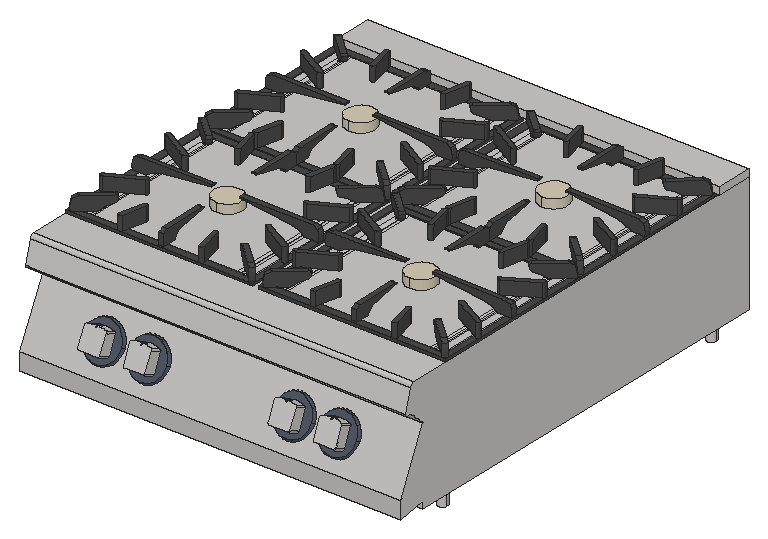
Revit family "QF_ZANUSSI_392002_Z9GCGH4S00", category Specialty Equipment, Revit 2018 (continued)
Definition of nested family "QF_392002_BURNER"
  Lines and regions (mm)
    symbolic lines
      curve 88: line (45.799, -40, 150) -> (45.799, -15, 150)
      curve 89: line (45.799, -108.607, 150) -> (45.799, -40, 150)
      curve 90: line (15, -20.286, 0) -> (15, -91.684, 0)
      curve 91: line (15, -103.094, 0) -> (15, -170.397, 0)
      curve 92: line (45.799, -170.397, 150) -> (45.799, -120.018, 150)
      curve 93: line (45.799, -235.582, 150) -> (45.799, -180.397, 150)
      curve 94: line (15, -263.916, 150) -> (15, -335.314, 150)
      curve 95: line (45.799, -307.496, 150) -> (45.799, -246.993, 150)
      curve 96: line (116.378, -350.325, 0) -> (127.56, -301.889, 0)
      curve 97: arc (127.56, -301.889, 0) -> (123.813, -295.892, 0) -> (117.816, -299.64, 0) r 5
      curve 98: line (117.816, -299.64, 0) -> (106.634, -348.076, 0)
      curve 99: arc (106.634, -348.076, 0) -> (110.381, -354.072, 0) -> (116.378, -350.325, 0) r 5
      curve 100: line (266.14, -301.889, 0) -> (277.322, -350.325, 0)
      curve 101: arc (277.322, -350.325, 0) -> (283.319, -354.072, 0) -> (287.066, -348.076, 0) r 5
      curve 102: line (287.066, -348.076, 0) -> (275.884, -299.64, 0)
      curve 103: arc (275.884, -299.64, 0) -> (269.887, -295.892, 0) -> (266.14, -301.889, 0) r 5
      curve 104: line (275.884, -55.96, 0) -> (287.066, -7.524, 0)
      curve 105: arc (287.066, -7.524, 0) -> (283.319, -1.528, 0) -> (277.322, -5.275, 0) r 5
      curve 106: line (277.322, -5.275, 0) -> (266.14, -53.711, 0)
      curve 107: arc (266.14, -53.711, 0) -> (269.887, -59.708, 0) -> (275.884, -55.96, 0) r 5
      curve 108: line (127.56, -53.711, 0) -> (116.378, -5.275, 0)
      curve 109: arc (116.378, -5.275, 0) -> (110.381, -1.528, 0) -> (106.634, -7.524, 0) r 5
      curve 110: line (106.634, -7.524, 0) -> (117.816, -55.96, 0)
      curve 111: arc (117.816, -55.96, 0) -> (123.813, -59.708, 0) -> (127.56, -53.711, 0) r 5
  Dimensions and locks
    equal spacing: plane 3 "LEFT", plane 7 "Center Y", plane 4 "RIGHT"
    plane 3 "LEFT" to plane 4 "RIGHT" = 393.7 mm
    equal spacing: plane 5 "FRONT", plane 8 "Center X", plane 1 "BACK"
    plane 5 "FRONT" to plane 1 "BACK" = 355.6 mm
    plane 6 "TOP" to level = 908.85 mm
    plane 9 "Base" to level = 150 mm
    plane 6 "TOP" to plane 10 = 58 mm  (x2)
    locked: Extrusion 4 sketch curve to plane 7 "Center Y" at 0
    aligned and locked: level to plane 2
  Automatic sketch dimensions
    curve 10 to plane 4 "RIGHT" = 0 mm
    curve 20 to plane 7 "Center Y" = 0 mm
    curve 19 to plane 7 "Center Y" = 0 mm
    curve 9 to plane 3 "LEFT" = 0 mm
    plane 1 "BACK" to curve 2 = 0 mm
    plane 1 "BACK" to curve 3 = 0 mm
    plane 5 "FRONT" to curve 2 = 0 mm
    curve 4 to plane 4 "RIGHT" = 24.067 mm
    curve 59 to plane 4 "RIGHT" = 24.067 mm
    plane 1 "BACK" to curve 37 = 15 mm
    plane 7 "Center Y" to curve 37 = 52.075 mm
    curve 37 to curve 7 = 12.7 mm
    curve 7 to curve 35 = 6.35 mm
    plane 8 "Center X" to curve 15 = 2.35 mm
    curve 35 to curve 15 = 1.6 mm
    plane 7 "Center Y" to curve 23 = 16.236 mm
    curve 23 to curve 23 = 0 mm
    curve 23 to curve 23 = 2.56 mm
    curve 23 to curve 24 = 4.607 mm
    plane 7 "Center Y" to curve 86 = 5 mm
    plane 7 "Center Y" to curve 27 = 5 mm
    curve 22 to plane 7 "Center Y" = 8.531 mm
    curve 22 to curve 25 = 4.597 mm
    curve 25 to curve 25 = 2.194 mm  (x2)
    curve 9 to plane 8 "Center X" = 2.597 mm
    curve 17 to curve 9 = 24.626 mm
    curve 21 to curve 34 = 28.025 mm
    curve 34 to curve 6 = 6.35 mm
    plane 8 "Center X" to curve 36 = 7.403 mm
    curve 6 to curve 36 = 12.7 mm
    plane 3 "LEFT" to curve 12 = 45.799 mm
    plane 3 "LEFT" to curve 87 = 24.067 mm
    plane 3 "LEFT" to curve 5 = 24.067 mm
    plane 1 "BACK" to curve 26 = 0.794 mm
    curve 28 to curve 86 = 3.993 mm
    curve 28 to curve 21 = 3.993 mm
    curve 86 to curve 22 = 14.042 mm
    curve 22 to curve 24 = 0.81 mm
    curve 22 to curve 23 = 17.925 mm
    curve 25 to curve 22 = 3.035 mm
    plane 8 "Center X" to curve 26 = 43.244 mm
    curve 15 to curve 15 = 5.054 mm
    plane 8 "Center X" to curve 17 = 1.126 mm
    curve 94 to curve 12 = 5.286 mm
    curve 58 to plane 5 "FRONT" = 15 mm
    curve 59 to plane 5 "FRONT" = 15 mm
    curve 8 to plane 5 "FRONT" = 5.6 mm
    plane 3 "LEFT" to Extrusion 1 sketch curve = 0.709 mm
    plane 3 "LEFT" to Extrusion 1 sketch curve = 3.327 mm
    Extrusion 1 sketch curve to Extrusion 1 sketch curve = 10.201 mm
    plane 10 to Extrusion 1 sketch curve = 5 mm  (x2)
    Extrusion 1 sketch curve to Extrusion 1 sketch curve = 29.447 mm
    Extrusion 1 sketch curve to Extrusion 1 sketch curve = 12.704 mm  (x2)
    Extrusion 1 sketch curve to Extrusion 1 sketch curve = 15.555 mm  (x2)
    plane 3 "LEFT" to Extrusion 1 sketch curve = 79.689 mm
    Extrusion 1 sketch curve to plane 7 "Center Y" = 30.161 mm
    Extrusion 1 sketch curve to Extrusion 1 sketch curve = 0.167 mm  (x2)
    plane 7 "Center Y" to Extrusion 1 sketch curve = 29.994 mm
    Extrusion 1 sketch curve to plane 4 "RIGHT" = 79.689 mm
    plane 10 to Extrusion 1 sketch curve = 18.171 mm
    Extrusion 1 sketch curve to plane 4 "RIGHT" = 58.415 mm
    Extrusion 1 sketch curve to plane 4 "RIGHT" = 13.528 mm
    Extrusion 1 sketch curve to plane 4 "RIGHT" = 3.327 mm
    Extrusion 1 sketch curve to plane 4 "RIGHT" = 0.709 mm
    Extrusion 1 sketch curve to Extrusion 1 sketch curve = 23.902 mm  (x2)
    Extrusion 1 sketch curve to plane 6 "TOP" = 26.807 mm  (x2)
    Extrusion 1 sketch curve to Extrusion 1 sketch curve = 1.185 mm  (x2)
    Extrusion 1 sketch curve to Extrusion 1 sketch curve = 5.694 mm
    Extrusion 2 sketch curve to plane 1 "BACK" = 0 mm
    plane 1 "BACK" to Extrusion 2 sketch curve = 10.213 mm
    plane 10 to Extrusion 2 sketch curve = 5 mm  (x2)
    plane 1 "BACK" to Extrusion 2 sketch curve = 29.066 mm
    plane 10 to Extrusion 2 sketch curve = 20.886 mm
    Extrusion 2 sketch curve to Extrusion 2 sketch curve = 22.688 mm  (x2)
    Extrusion 2 sketch curve to plane 10 = 7.392 mm  (x2)
    Extrusion 2 sketch curve to plane 6 "TOP" = 24.425 mm
    Extrusion 2 sketch curve to Extrusion 2 sketch curve = 51.752 mm
    Extrusion 2 sketch curve to plane 6 "TOP" = 26.807 mm  (x2)
    Extrusion 2 sketch curve to Extrusion 2 sketch curve = 0.167 mm  (x2)
    Extrusion 2 sketch curve to plane 8 "Center X" = 68.528 mm
    Extrusion 2 sketch curve to plane 5 "FRONT" = 60.248 mm
    Extrusion 2 sketch curve to Extrusion 2 sketch curve = 2.895 mm
    Extrusion 2 sketch curve to plane 5 "FRONT" = 15.813 mm
    Extrusion 2 sketch curve to plane 5 "FRONT" = 5.6 mm
    Extrusion 2 sketch curve to Extrusion 2 sketch curve = 4.731 mm
    Extrusion 2 sketch curve to Extrusion 2 sketch curve = 23.844 mm
    Extrusion 2 sketch curve to Extrusion 2 sketch curve = 1.185 mm
    plane 1 "BACK" to Extrusion 3 sketch curve = 0 mm
    Extrusion 3 sketch curve to plane 3 "LEFT" = 0 mm
    plane 5 "FRONT" to Extrusion 3 sketch curve = 0 mm
    Extrusion 3 sketch curve to plane 4 "RIGHT" = 0 mm
    plane 1 "BACK" to Extrusion 3 sketch curve = 15 mm
    Extrusion 3 sketch curve to plane 5 "FRONT" = 15 mm
    plane 3 "LEFT" to Extrusion 3 sketch curve = 15 mm
    Extrusion 3 sketch curve to plane 4 "RIGHT" = 15 mm
    Extrusion 3 to Extrusion 4 sketch curve = 159.603 mm
    Extrusion 5 sketch curve to plane 10 = 0 mm
    plane 3 "LEFT" to Extrusion 5 sketch curve = 15 mm
    Extrusion 5 sketch curve to Extrusion 5 sketch curve = 14.402 mm
    plane 10 to Extrusion 5 sketch curve = 5 mm
    Extrusion 5 sketch curve to Extrusion 5 sketch curve = 15.156 mm
    plane 10 to Extrusion 5 sketch curve = 2.933 mm  (x3)
    Extrusion 5 sketch curve to Extrusion 5 sketch curve = 7.716 mm  (x2)
    Extrusion 5 sketch curve to Extrusion 5 sketch curve = 0 mm  (x3)
    Extrusion 5 sketch curve to Extrusion 5 sketch curve = 1.692 mm  (x2)
    Extrusion 5 sketch curve to Extrusion 5 sketch curve = 3.385 mm  (x2)
    Extrusion 5 sketch curve to plane 10 = 3.559 mm  (x2)
    plane 10 to Extrusion 5 sketch curve = 3.679 mm
    Extrusion 5 sketch curve to plane 4 "RIGHT" = 45.799 mm
    Extrusion 5 sketch curve to Extrusion 5 sketch curve = 1.143 mm
    Extrusion 5 sketch curve to plane 10 = 13.244 mm
    Extrusion 5 sketch curve to plane 4 "RIGHT" = 15 mm
    plane 10 to Extrusion 6 sketch curve = 5 mm  (x2)
    Extrusion 6 sketch curve to Extrusion 6 sketch curve = 2.692 mm  (x2)
    Extrusion 6 sketch curve to Extrusion 6 sketch curve = 10.213 mm  (x2)
    plane 10 to Extrusion 6 sketch curve = 12.281 mm
    Extrusion 6 sketch curve to Extrusion 6 sketch curve = 29.348 mm  (x2)
    Extrusion 6 sketch curve to Extrusion 6 sketch curve = 3.155 mm  (x2)
    Extrusion 6 sketch curve to Extrusion 6 sketch curve = 22.572 mm
    Extrusion 6 sketch curve to Extrusion 6 sketch curve = 8.81 mm
    Extrusion 6 sketch curve to Extrusion 6 sketch curve = 9.845 mm  (x2)
    Extrusion 6 sketch curve to Extrusion 6 sketch curve = 3.99 mm  (x2)
    Extrusion 6 sketch curve to Extrusion 6 sketch curve = 0 mm  (x2)
    Extrusion 6 sketch curve to Extrusion 6 sketch curve = 49.533 mm
    Extrusion 6 sketch curve to plane 10 = 64.377 mm
    Extrusion 6 sketch curve to Extrusion 6 sketch curve = 326.397 mm
    Extrusion 6 sketch curve to plane 6 "TOP" = 28.141 mm
    Extrusion 6 sketch curve to Extrusion 6 sketch curve = 16.281 mm
    Extrusion 6 sketch curve to Extrusion 6 sketch curve = 1.035 mm
    Extrusion 6 sketch curve to Extrusion 6 sketch curve = 19.417 mm
    Extrusion 6 sketch curve to Extrusion 6 sketch curve = 4.763 mm  (x2)
    Extrusion 6 sketch curve to Extrusion 6 sketch curve = 3.716 mm
    plane 10 to Extrusion 7 sketch curve = 5 mm  (x2)
    Extrusion 7 sketch curve to Extrusion 7 sketch curve = 2.692 mm  (x2)
    Extrusion 7 sketch curve to Extrusion 7 sketch curve = 10.213 mm  (x2)
    plane 10 to Extrusion 7 sketch curve = 12.281 mm
    Extrusion 7 sketch curve to Extrusion 7 sketch curve = 29.348 mm  (x2)
    Extrusion 7 sketch curve to Extrusion 7 sketch curve = 3.155 mm  (x2)
    Extrusion 7 sketch curve to Extrusion 7 sketch curve = 22.572 mm
    Extrusion 7 sketch curve to Extrusion 7 sketch curve = 8.81 mm
    Extrusion 7 sketch curve to Extrusion 7 sketch curve = 9.845 mm  (x2)
    Extrusion 7 sketch curve to Extrusion 7 sketch curve = 3.99 mm  (x2)
    Extrusion 7 sketch curve to Extrusion 7 sketch curve = 0 mm  (x2)
    Extrusion 7 sketch curve to Extrusion 7 sketch curve = 21.306 mm
    Extrusion 7 sketch curve to plane 10 = 64.377 mm  (x2)
    Extrusion 7 sketch curve to Extrusion 7 sketch curve = 326.397 mm
    Extrusion 7 sketch curve to plane 6 "TOP" = 28.141 mm
    Extrusion 7 sketch curve to Extrusion 7 sketch curve = 16.281 mm
    Extrusion 7 sketch curve to Extrusion 7 sketch curve = 1.035 mm
    Extrusion 7 sketch curve to Extrusion 7 sketch curve = 19.417 mm
    Extrusion 7 sketch curve to Extrusion 7 sketch curve = 7.281 mm
    Extrusion 7 sketch curve to Extrusion 7 sketch curve = 10.713 mm
    curve 58 to curve 12 = 72.824 mm
    curve 30 to curve 30 = 73.227 mm
    curve 58 to curve 5 = 10.263 mm
    curve 5 to curve 58 = 0 mm
    curve 59 to curve 30 = 10.263 mm
    curve 30 to curve 8 = 9.4 mm
    curve 31 to curve 32 = 0 mm
    curve 33 to curve 38 = 0 mm  (x2)
    curve 33 to curve 39 = 0 mm  (x2)
    curve 33 to curve 40 = 0 mm  (x2)
    plane 1 "BACK" to curve 41 = 0 mm
    curve 41 to plane 3 "LEFT" = 0 mm
    curve 31 to plane 7 "Center Y" = 0 mm
    curve 33 to plane 7 "Center Y" = 0 mm
    curve 41 to plane 4 "RIGHT" = 0 mm
    plane 3 "LEFT" to curve 76 = 1.326 mm
    plane 3 "LEFT" to curve 64 = 1.326 mm
    plane 3 "LEFT" to curve 44 = 2.995 mm
    plane 3 "LEFT" to curve 46 = 2.995 mm
    curve 43 to curve 43 = 2.408 mm
    curve 46 to curve 47 = 2.408 mm
    curve 47 to curve 47 = 2.408 mm
    curve 43 to curve 42 = 2.408 mm
    curve 76 to plane 5 "FRONT" = 0.514 mm
    plane 3 "LEFT" to curve 76 = 8.029 mm
    plane 1 "BACK" to curve 62 = 0.514 mm
    plane 3 "LEFT" to curve 62 = 8.029 mm
    curve 48 to curve 75 = 50.941 mm
    curve 43 to curve 63 = 50.941 mm
    curve 75 to curve 75 = 3.351 mm
    curve 63 to curve 63 = 3.351 mm
    plane 1 "BACK" to curve 62 = 52.383 mm
    curve 63 to curve 62 = 3.351 mm
    curve 74 to plane 5 "FRONT" = 52.383 mm
    curve 75 to curve 74 = 3.351 mm
    plane 3 "LEFT" to curve 46 = 65.629 mm
    plane 3 "LEFT" to curve 44 = 65.629 mm
    curve 45 to curve 45 = 2.408 mm
    curve 46 to curve 49 = 2.408 mm
    curve 49 to curve 48 = 2.408 mm
    curve 45 to curve 42 = 2.408 mm
    curve 38 to plane 8 "Center X" = 2.597 mm
    curve 38 to plane 7 "Center Y" = 51.172 mm
    curve 33 to plane 8 "Center X" = 2.597 mm
    curve 38 to curve 33 = 12.999 mm
    curve 33 to plane 7 "Center Y" = 5 mm
    curve 38 to plane 7 "Center Y" = 5 mm
    curve 31 to curve 33 = 0 mm
    plane 7 "Center Y" to curve 32 = 5 mm
    plane 7 "Center Y" to curve 40 = 5 mm
    curve 39 to curve 32 = 0 mm
    curve 39 to plane 8 "Center X" = 2.597 mm
    plane 7 "Center Y" to curve 39 = 38.172 mm
    curve 40 to plane 8 "Center X" = 2.704 mm
    curve 39 to curve 40 = 12.979 mm
    curve 50 to plane 4 "RIGHT" = 70.445 mm
    curve 57 to plane 4 "RIGHT" = 70.445 mm
    curve 50 to curve 53 = 2.408 mm
    curve 57 to curve 57 = 2.408 mm  (x2)
    curve 53 to curve 53 = 2.408 mm
    curve 71 to curve 71 = 3.351 mm
    curve 67 to curve 67 = 3.351 mm
    curve 71 to curve 69 = 3.351 mm
    curve 67 to curve 65 = 3.351 mm
    curve 60 to plane 4 "RIGHT" = 15 mm
    curve 72 to plane 5 "FRONT" = 0.514 mm
    curve 72 to plane 4 "RIGHT" = 8.029 mm
    plane 1 "BACK" to curve 68 = 0.514 mm
    curve 68 to plane 4 "RIGHT" = 8.029 mm
    curve 50 to plane 4 "RIGHT" = 7.81 mm
    curve 55 to plane 4 "RIGHT" = 7.81 mm
    curve 55 to curve 55 = 2.408 mm
    curve 50 to curve 51 = 2.408 mm
    curve 55 to plane 4 "RIGHT" = 2.995 mm
    curve 51 to plane 4 "RIGHT" = 2.995 mm
    curve 69 to plane 4 "RIGHT" = 1.326 mm
    curve 65 to plane 4 "RIGHT" = 1.326 mm
    curve 72 to plane 5 "FRONT" = 7.935 mm
    curve 60 to plane 5 "FRONT" = 20.286 mm
    curve 71 to curve 56 = 27.93 mm
    curve 73 to curve 48 = 27.93 mm
    curve 47 to curve 47 = 4.382 mm
    curve 55 to curve 55 = 4.382 mm
    curve 56 to plane 8 "Center X" = 55.651 mm
    curve 48 to plane 8 "Center X" = 55.651 mm
    curve 57 to curve 57 = 4.382 mm
    curve 49 to curve 49 = 4.382 mm
    curve 40 to plane 8 "Center X" = 44.773 mm
    curve 39 to curve 32 = 4.818 mm
    plane 8 "Center X" to curve 31 = 2.403 mm
    plane 8 "Center X" to curve 45 = 46.886 mm
    plane 8 "Center X" to curve 52 = 46.886 mm
    curve 53 to curve 53 = 4.382 mm
    curve 45 to curve 45 = 4.382 mm
    curve 53 to curve 52 = 34.416 mm
    curve 44 to curve 61 = 36.694 mm
    curve 43 to curve 43 = 4.382 mm
    curve 51 to curve 51 = 4.382 mm
    curve 51 to curve 65 = 27.93 mm
    plane 1 "BACK" to curve 83 = 20.286 mm
    plane 1 "BACK" to curve 88 = 15 mm
    plane 1 "BACK" to curve 77 = 15 mm
    curve 77 to curve 83 = 30.799 mm
    curve 78 to plane 5 "FRONT" = 15 mm
    curve 80 to curve 71 = 7.989 mm
    curve 78 to curve 60 = 30.799 mm
    curve 78 to curve 80 = 13.475 mm
    curve 55 to curve 79 = 10.979 mm
    curve 82 to curve 57 = 6.514 mm
    curve 80 to curve 78 = 0 mm
    curve 80 to curve 82 = 11.41 mm
    curve 77 to curve 66 = 37.77 mm
    curve 60 to curve 79 = 11.41 mm
    plane 8 "Center X" to curve 81 = 7.403 mm
    plane 8 "Center X" to curve 84 = 7.403 mm
    curve 82 to plane 8 "Center X" = 2.597 mm
    curve 82 to curve 84 = 0 mm
    curve 79 to plane 8 "Center X" = 2.597 mm
    curve 79 to curve 81 = 0 mm
    curve 81 to curve 51 = 10.979 mm
    curve 53 to curve 85 = 17.924 mm
    curve 84 to curve 81 = 30.799 mm
    curve 84 to curve 85 = 11.41 mm
    curve 52 to curve 84 = 19.83 mm
    curve 81 to curve 83 = 11.41 mm
    curve 67 to curve 85 = 7.989 mm
    curve 85 to curve 77 = 0 mm
    curve 85 to curve 77 = 13.475 mm
    curve 86 to curve 37 = 26.152 mm
    curve 4 to curve 86 = 10.263 mm
    curve 86 to curve 4 = 0 mm
    curve 36 to curve 21 = 26.152 mm
    curve 88 to curve 88 = 25 mm
    plane 8 "Center X" to curve 89 = 69.193 mm
    curve 43 to curve 90 = 9.597 mm
    curve 43 to curve 90 = 0.432 mm
    plane 1 "BACK" to curve 90 = 20.286 mm
    curve 93 to plane 8 "Center X" = 2.597 mm
    plane 8 "Center X" to curve 91 = 7.403 mm
    curve 95 to plane 8 "Center X" = 69.193 mm
    curve 93 to curve 94 = 28.333 mm
    curve 95 to curve 12 = 33.104 mm
    curve 21 to curve 87 = 10.263 mm
    curve 87 to curve 21 = 0 mm
    curve 91 to curve 90 = 11.41 mm
    curve 89 to curve 87 = 21.732 mm
    curve 89 to curve 92 = 11.41 mm
    curve 92 to curve 89 = 0 mm
    plane 8 "Center X" to curve 92 = 7.403 mm
    curve 91 to curve 90 = 0 mm
    curve 93 to curve 95 = 0 mm
    curve 93 to curve 95 = 11.41 mm
    curve 11 to curve 94 = 0 mm
    curve 11 to curve 94 = 11.41 mm
    curve 95 to curve 11 = 30.799 mm
    curve 95 to curve 12 = 13.475 mm
    plane 3 "LEFT" to curve 95 = 45.799 mm
    curve 95 to curve 5 = 33.104 mm
    Extrusion 8 sketch curve to Extrusion 3 = 5.275 mm  (x2)
    Extrusion 8 sketch curve to Extrusion 8 sketch curve = 1.125 mm  (x16)
    Extrusion 3 to Extrusion 8 sketch curve = 38.711 mm  (x2)
    Extrusion 8 sketch curve to Extrusion 3 = 7.19 mm  (x3)
    Extrusion 3 to Extrusion 8 sketch curve = 72.734 mm  (x2)
    Extrusion 8 sketch curve to Extrusion 8 sketch curve = 4.382 mm  (x16)
    Extrusion 8 sketch curve to Extrusion 3 = 2.995 mm  (x4)
    Extrusion 8 sketch curve to Extrusion 8 sketch curve = 34.416 mm  (x4)
    Extrusion 3 to Extrusion 8 sketch curve = 50.629 mm  (x3)
    Extrusion 8 sketch curve to Extrusion 8 sketch curve = 93.773 mm  (x2)
    Extrusion 3 to Extrusion 8 sketch curve = 40.96 mm  (x2)
    Extrusion 8 sketch curve to Extrusion 3 = 7.476 mm  (x2)
    Extrusion 8 sketch curve to Extrusion 8 sketch curve = 2.408 mm  (x4)
    Extrusion 3 to Extrusion 8 sketch curve = 91.634 mm  (x2)
    Extrusion 8 sketch curve to Extrusion 8 sketch curve = 4.872 mm  (x8)
    Extrusion 8 sketch curve to Extrusion 8 sketch curve = 11.182 mm  (x4)
    Extrusion 3 to Extrusion 8 sketch curve = 112.56 mm
    Extrusion 8 sketch curve to Extrusion 8 sketch curve = 61.931 mm
    Extrusion 3 to Extrusion 8 sketch curve = 55.445 mm
    Extrusion 8 sketch curve to Extrusion 8 sketch curve = 4.816 mm
    curve 67 to curve 85 = 19.656 mm
    curve 71 to curve 80 = 19.656 mm
    curve 99 to plane 5 "FRONT" = 7.524 mm
    curve 74 to curve 99 = 41.179 mm
    curve 98 to curve 99 = 4.872 mm
    curve 96 to plane 5 "FRONT" = 5.275 mm
    curve 99 to curve 96 = 4.872 mm
    curve 99 to curve 98 = 11.182 mm
    curve 98 to curve 97 = 4.872 mm
    curve 96 to plane 5 "FRONT" = 53.711 mm
    curve 97 to curve 96 = 4.872 mm
    curve 97 to curve 97 = 1.125 mm
    curve 103 to curve 70 = 62.105 mm
    curve 103 to curve 103 = 4.872 mm  (x2)
    curve 100 to plane 5 "FRONT" = 5.275 mm
    curve 100 to curve 100 = 11.182 mm
    curve 101 to curve 101 = 4.872 mm
    curve 102 to plane 5 "FRONT" = 7.524 mm
    curve 101 to curve 102 = 4.872 mm
    curve 100 to curve 100 = 48.436 mm
    curve 103 to curve 103 = 1.125 mm
    curve 106 to curve 67 = 62.105 mm
    curve 107 to curve 107 = 4.872 mm
    plane 1 "BACK" to curve 104 = 55.96 mm
    curve 107 to curve 104 = 4.872 mm
    plane 1 "BACK" to curve 105 = 5.275 mm
    curve 107 to curve 105 = 11.182 mm
    curve 105 to curve 105 = 4.872 mm  (x2)
    curve 107 to curve 107 = 1.125 mm
    plane 1 "BACK" to curve 104 = 7.524 mm
    plane 1 "BACK" to curve 109 = 7.524 mm
    curve 62 to curve 109 = 41.179 mm
    curve 109 to curve 109 = 4.872 mm
    plane 1 "BACK" to curve 108 = 5.275 mm
    curve 109 to curve 108 = 4.872 mm
    curve 110 to curve 111 = 11.182 mm
    curve 110 to curve 111 = 4.872 mm
    plane 1 "BACK" to curve 108 = 53.711 mm
    curve 111 to curve 108 = 4.872 mm
    curve 111 to curve 108 = 2.25 mm
    radius of Extrusion 4 sketch curve = 30 mm
